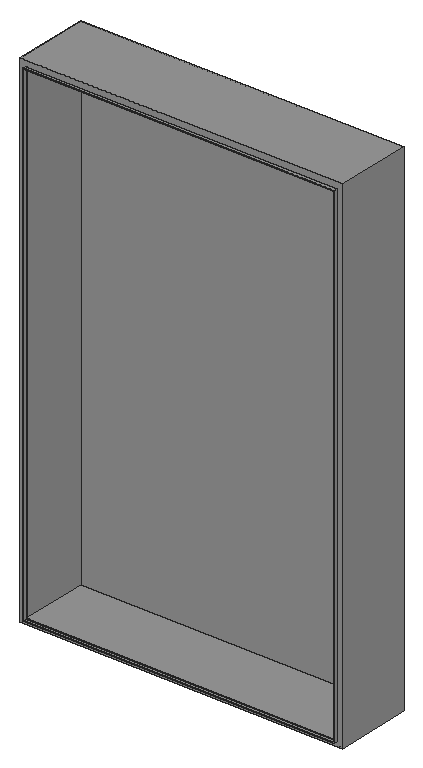
Revit family "Hager-Univers-IP30-D205-H1250-Cl.II-Encl-NoHosted-CH-en", category Equipement électrique, Revit 2020
Family settings
  Configuration du panneau = Deux colonnes, circuits au sein
  Cote de connecteur circulaire = Utiliser le diamètre
  Type d'élément = Tableau de raccordement
  Basée sur le plan de construction = Oui
  Toujours verticalement = Oui
  Couper avec des vides une fois chargée = Non
  Partagée = Non
  Point de calcul de pièce = Non
Parameters (values of type "Surface mounted (plaster) IP30 W800 H1250 D205  - FP83Q1S")
  Width Control [instance] = if([EF000008 - Width] > Min Width, [EF000008 - Width], Min Width)  # 800 mm
  Commentaires du type = [HG000003 - Range]  # "Univers"
  Thickness Door [instance] = if([EF009171 - Material plate thickness door/cover] > 3 mm, 3 mm, [EF009171 - Material plate thickness door/cover])  # 1 mm
  Seal Frame Offset [instance] = 17 mm  # constant formula
  Plinth Visibility [instance] = [HG000027 - Plinth height] > 0 mm  # no
  Min Width [instance] = 100 mm  # constant formula
  Min Depth [instance] = (2 * [EF009170 - Material plate thickness cabinet]) + 1 mm  # 3 mm
  Min Height [instance] = 100 mm  # constant formula
  Internal Frame Depth [instance] = (Door System Depth * 0.5)  # 9 mm
  Panel Name [instance] = ""  # (empty or 0)
  Model = ""
  HG000027 - Plinth height = 0 mm
  HG000026 - Floor standing = no
  HG000024 - Bottom section height = 600 mm
  HG000023 - Double section enclosure = no
  HG000016 - Door 3d visibility [instance] = yes
  HG000015 - Clearance visibility [instance] = no
  HG000014 - Door on the right [instance] = yes
  HG000013 - Door on the left [instance] = not([HG000014 - Door on the right])  # no
  HG000012 - Door swing angle [instance] = 30.00°
  HG000010 - Asymmetric doors = no
  HG000009 - Double swing door = no
  HG000006 - Flush mounted = no
  HG000004 - Manufacturer reference = "FP83Q1S"
  HG000003 - Range = "Univers"
  HG000002 - With door or cover = no
  Frame Offset Bottom [instance] = 10 mm  # constant formula
  Frame Offset [instance] = 15 mm  # constant formula
  EF015940 - Cover with overpressure release = no
  EF011959 - Degree of protection (NEMA) = ""
  EF009554 - Number of openings for flange plates = 6
  EF009212 - Cover model = "EV009916 - With notch"
  EF009171 - Material plate thickness door/cover = 1 mm
  EF009170 - Material plate thickness cabinet = 1 mm
  EF008873 - Nominal current (In) = 250 A
  EF007800 - Suitable for lightning protection = no
  EF006306 - With lock = no
  EF006244 - Transparent cover/door = no
  EF005474 - Degree of protection (IP) = "EV006410 - IP30"
  EF004464 - Type of door = "EV000494 - None"
  EF004427 - Number of modules = 288
  EF004293 - Impact strength = "EV006813 - IK07"
  EF003532 - Suitable for outdoor use = no
  EF002950 - Width in number of modular spacings = 36
  EF001613 - Circuit integrity = "EV000494 - None"
  EF001596 - Material housing = "EV000179 - Steel"
  EF001131 - Internal depth = 130 mm
  EF001088 - Extension possible = yes
  EF000437 - Number of conduit inlets = 6
  EF000339 - Type of cover = "EV000494 - None"
  EF000266 - Number of rows = 8
  EF000218 - Built-in depth = 0 mm
  EF000118 - With mounting plate = no
  EF000116 - RAL-number = "9010"
  EF000049 - Depth = 205 mm
  EF000040 - Height = 1250 mm
  EF000008 - Width = 800 mm
  EF000007 - Colour = "EV000202 - White"
  EF000003 - Mounting method = "EV000384 - Surface mounted (plaster)"
  Door System Leaf Tolerance [instance] = 1.5 mm  # constant formula
  Door System Depth [instance] = 18 mm  # constant formula
  Door Height [instance] = Height Control - [HG000027 - Plinth height]  # 1250 mm
  Description = ""
  Default Elevation = 1219.2 mm
  Connector Offset [instance] = Height Control / 2  # 625 mm
  Fabricant = "Hager"  # constant formula
  Height Control [instance] = if([EF000040 - Height] > Min Height, [EF000040 - Height], Min Height)  # 1250 mm
  Depth Control [instance] = if([EF000049 - Depth] > Min Depth, [EF000049 - Depth], Min Depth)  # 205 mm
  Bottom Top Plate Trim [instance] = 1.5 mm  # constant formula
  Plinth height Ctrl [instance] = if([HG000027 - Plinth height] > 0 mm, [HG000027 - Plinth height], 12 mm)  # 12 mm
Types (5, lengths in mm): name | Width Control | HG000004 - Manufacturer reference | EF009554 - Number of openings for flange plates | EF004427 - Number of modules | EF002950 - Width in number of modular spacings | EF000437 - Number of conduit inlets | EF000008 - Width
  Surface mounted (plaster) IP30 W1050 H1250 D205  - FP84Q1S | 1050 | "FP84Q1S" | 8 | 384 | 48 | 8 | 1050
  Surface mounted (plaster) IP30 W1300 H1250 D205  - FP85Q1S | 1300 | "FP85Q1S" | 10 | 480 | 60 | 10 | 1300
  Surface mounted (plaster) IP30 W300 H1250 D205  - FP81Q1S | 300 | "FP81Q1S" | 2 | 96 | 12 | 2 | 300
  Surface mounted (plaster) IP30 W550 H1250 D205  - FP82Q1S | 550 | "FP82Q1S" | 4 | 192 | 24 | 4 | 550
  Surface mounted (plaster) IP30 W800 H1250 D205  - FP83Q1S | 800 | "FP83Q1S" | 6 | 288 | 36 | 6 | 800
Reference planes
  plane 1 "Center (Front/Back)": y = 0
  plane 2: z = 0
  plane 3 "Center (Left/Right)": x = 0
  plane 4: y = 0
  plane 5: y = 0
  plane 6: z = 0
  plane 7: x = -400
  plane 8: x = 400
  plane 9: x = 399
  plane 10: x = -399
  plane 11: z = 0
  plane 12: z = 1
  plane 13: y = -205
  plane 14: y = -1
  plane 15: x = 0
  plane 16: y = -187
  plane 17: y = -204
  plane 18: y = -186
  plane 19: x = -384
  plane 20: x = 384
  plane 21: z = 11
  plane 22: x = -383
  plane 23: x = 383
  plane 24: z = 0
  plane 25: z = 1250
  plane 26: z = 1250
  plane 27: z = 1234
  plane 28: z = 1249
Forms (mm)
  Extrusion 1, solid, material "Hager_Steel_RAL7035_Light_Grey", detail levels medium+fine
    sketch origin (-208.679, -4572, 0) x (-1, 0, 0) y (0, -1, 0)
      loop
        line (191.321, -4385) -> (-608.679, -4385) -> (-608.679, -4572) -> (191.321, -4572) -> (191.321, -4385)
    from 0 to 1250
  Extrusion 2, void
    sketch origin (-350.771, -205, 1219.2) x (1, 0, 0) y (0, 0, 1)
      loop
        line (-48.229, 29.8) -> (-48.229, -1218.2) -> (749.771, -1218.2) -> (749.771, 29.8) -> (-48.229, 29.8)
    from -19 to -204
  Extrusion 3, void
    sketch origin (-290.084, -187, 1219.2) x (1, 0, 0) y (0, 0, 1)
      loop
        line (-93.916, -1208.2) -> (674.084, -1208.2) -> (674.084, 14.8) -> (-93.916, 14.8) -> (-93.916, -1208.2)
    from 0 to -1
  Extrusion 4, solid, material "Hager_Steel_RAL7035_Light_Grey", visible <- "Plinth Visibility", detail levels medium+fine
    sketch origin (0, 0, 0) x (1, 0, 0) y (0, 1, 0)
      loop
        line (-400, 0) -> (-400, -187) -> (400, -187) -> (400, 0) -> (-400, 0)
    from 0 to 12 <- "Plinth height Ctrl"
  Extrusion 5, solid, material "Hager_Steel_RAL7035_Light_Grey", detail levels coarse
    sketch origin (0, 0, 0) x (1, 0, 0) y (0, 1, 0)
      loop
        line (-400, 0) -> (-400, -205) -> (400, -205) -> (400, 0) -> (-400, 0)
    from 0 to 1250 <- "Height Control"
  Sweep 6, void
    path in 3D
      loop
        line (-400, -187, 12) -> (400, -187, 12) -> (400, 0, 12) -> (-400, 0, 12) -> (-400, -187, 12)
    profile origin (-400, -93.5, 12) x (1, 0, 0) y (0, 0, 1)
      loop
        line (0, 0) -> (0, -1.5) -> (1.5, -1.5)
        arc (1.5, -1.5) -> (1.061, -0.439) -> (0, 0) r 1.5
  Extrusion 7, solid, material "Hager_Steel_RAL7035_Light_Grey", detail levels fine
    sketch origin (-400, -187, 0) x (1, 0, 0) y (0, 0, 1)
      loop
        line (16, 11) -> (784, 11) -> (784, 1234) -> (16, 1234) -> (16, 11)
      loop
        line (15, 10) -> (785, 10) -> (785, 1235) -> (15, 1235) -> (15, 10)
    from 0 to 9 <- "Internal Frame Depth"
Cuts and joins
  Extrusion 2, Extrusion 3 cuts Extrusion 1
  Sweep 6 cuts Extrusion 4
Lines and regions (mm)
  Masking region 1
    outline origin (0, 0, 0) x (1, 0, 0) y (0, 1, 0)
      loop
        line (-400, 0) -> (-400, -205) -> (400, -205) -> (400, 0) -> (-400, 0)
  Masking region 2, detail levels coarse
    outline origin (-290.084, -187, 1219.2) x (-1, 0, 0) y (0, 0, 1)
      loop
        line (-690.084, -1219.2) -> (109.916, -1219.2) -> (109.916, 30.8) -> (-690.084, 30.8) -> (-690.084, -1219.2)
  Masking region 3, detail levels coarse
    outline origin (0, 0, 0) x (0, 1, 0) y (0, 0, 1)
      loop
        line (0, 0) -> (0, 1250) -> (-205, 1250) -> (-205, 0) -> (0, 0)
  Masking region 4, visible <- "Plinth Visibility", detail levels medium+fine
    outline origin (0, 0, 0) x (0, 1, 0) y (0, 0, 1)
      loop
        line (-1.5, 12) -> (-185.5, 12)
        arc (-185.5, 12) -> (-185.939, 10.939) -> (-187, 10.5) r 1.5
        line (-187, 10.5) -> (-187, 0) -> (0, 0) -> (0, 10.5)
        arc (0, 10.5) -> (-1.061, 10.939) -> (-1.5, 12) r 1.5
  Masking region 5, detail levels medium+fine
    outline origin (0, 0, 594.038) x (0, 1, 0) y (0, 0, 1)
      loop
        line (0, -594.038) -> (0, 655.962) -> (-187, 655.962) -> (-187, -594.038) -> (0, -594.038)
  Masking region 6, detail levels medium+fine
    outline origin (-359.7, -187, 1211.883) x (-1, 0, 0) y (0, 0, 1)
      loop
        line (-759.7, -1211.883) -> (40.3, -1211.883) -> (40.3, 38.117) -> (-759.7, 38.117) -> (-759.7, -1211.883)
  Masking region 7, visible <- "Plinth Visibility", detail levels medium+fine
    outline origin (-320.334, -187, 1041.368) x (-1, 0, 0) y (0, 0, 1)
      loop
        line (-720.334, -1041.368) -> (79.666, -1041.368) -> (79.666, -1030.868)
        arc (79.666, -1030.868) -> (78.606, -1030.429) -> (78.166, -1029.368) r 1.5
        line (78.166, -1029.368) -> (-718.834, -1029.368)
        arc (-718.834, -1029.368) -> (-719.273, -1030.429) -> (-720.334, -1030.868) r 1.5
        line (-720.334, -1030.868) -> (-720.334, -1041.368)
  sketch lines
    curve 1: line (-400, 0, 12) -> (-400, -187, 12)
    curve 2: line (-400, -187, 12) -> (400, -187, 12)
    curve 3: line (400, 0, 12) -> (-400, 0, 12)
    curve 4: line (400, -187, 12) -> (400, 0, 12)
Dimensions and locks
  locked: plane 1 "Center (Front/Back)" to plane 5
  "EF009170 - Material plate thickness cabinet": plane 7 to plane 10
  "EF009170 - Material plate thickness cabinet": plane 8 to plane 9
  equal spacing: plane 7, plane 3 "Center (Left/Right)", plane 8
  "Width Control": plane 7 to plane 8
  "Depth Control": plane 4 to plane 13
  "EF009170 - Material plate thickness cabinet": plane 4 to plane 14
  "Height Control": plane 25 to level
  "HG000027 - Plinth height": plane 11 to level
  "EF009170 - Material plate thickness cabinet": plane 12 to plane 11
  "EF009170 - Material plate thickness cabinet": plane 17 to plane 13
  "EF009170 - Material plate thickness cabinet": plane 18 to plane 16
  "Frame Offset Bottom": plane 21 to plane 12
  "Frame Offset": plane 10 to plane 19
  "Frame Offset": plane 9 to plane 20
  "Door System Depth": plane 16 to plane 13
  "Seal Frame Offset": plane 7 to plane 22
  "Seal Frame Offset": plane 8 to plane 23
  "EF009170 - Material plate thickness cabinet": plane 26 to plane 28
  "Frame Offset": plane 28 to plane 27
  "Connector Offset": plane 2 to connector elem
  "Bottom Top Plate Trim": profile plane to Sweep 6 sketch curve
  "Bottom Top Plate Trim": Sweep 6 sketch curve to Sweep 6 sketch curve
  "Plinth height Ctrl": Masking region 4 sketch curve to level
  "Plinth height Ctrl": Masking region 7 sketch curve to level
  "Thickness Door": Extrusion 7 sketch curve to Extrusion 7 sketch curve  (x4)
  "Bottom Top Plate Trim": radius of Sweep 6 sketch curve
  "Bottom Top Plate Trim": radius of Masking region 4 sketch curve  (x2)
  "Bottom Top Plate Trim": radius of Masking region 7 sketch curve  (x2)
  aligned and locked: Extrusion 2 sketch curve to plane 12
  aligned and locked: Extrusion 2 sketch curve to plane 9
  aligned and locked: Extrusion 2 sketch curve to plane 10
  aligned and locked: Extrusion 2 to plane 14
  aligned and locked: Extrusion 1 sketch curve to plane 4
  aligned and locked: plane 8 to Extrusion 1 sketch curve
  aligned and locked: plane 7 to Extrusion 1 sketch curve
  aligned and locked: Extrusion 2 to plane 18
  aligned and locked: Extrusion 3 sketch curve to plane 19
  aligned and locked: plane 20 to Extrusion 3 sketch curve
  aligned and locked: Extrusion 3 to Extrusion 2
  aligned and locked: Extrusion 3 sketch curve to plane 21
  aligned and locked: plane 3 "Center (Left/Right)" to nested 1
  aligned and locked: Extrusion 1 sketch curve to plane 16
  aligned and locked: Extrusion 4 sketch curve to cut or joined group of Extrusion 1, Extrusion 2, Extrusion 3
  aligned and locked: Masking region 1 sketch curve to plane 7
  aligned and locked: Masking region 1 sketch curve to plane 5
  aligned and locked: Masking region 1 sketch curve to plane 8
  aligned and locked: Masking region 2 sketch curve to level
  aligned and locked: level to Masking region 3 sketch curve
  aligned and locked: plane 1 "Center (Front/Back)" to Masking region 3 sketch curve
  aligned and locked: plane 13 to Masking region 3 sketch curve
  aligned and locked: plane 5 to Masking region 4 sketch curve
  aligned and locked: Masking region 2 sketch curve to plane 8
  aligned and locked: Masking region 2 sketch curve to plane 7
  aligned and locked: plane 7 to nested 2
  aligned and locked: nested 2 to plane 5
  aligned and locked: plane 5 to Masking region 5 sketch curve
  aligned and locked: plane 26 to Masking region 5 sketch curve
  aligned and locked: Extrusion 5 sketch curve to plane 8
  aligned and locked: Extrusion 5 sketch curve to plane 7
  aligned and locked: Extrusion 5 sketch curve to plane 5
  aligned and locked: Extrusion 3 sketch curve to plane 27
  aligned and locked: Extrusion 2 sketch curve to plane 28
  aligned and locked: Masking region 2 to plane 25
  aligned and locked: Extrusion 4 to plane 16
  aligned and locked: profile plane to Sweep 6 sketch curve
  aligned and locked: Masking region 5 sketch curve to plane 24
  aligned and locked: level to Masking region 4 sketch curve
  aligned and locked: Masking region 1 to plane 13
  aligned and locked: nested 1 to plane 16
  aligned and locked: Masking region 3 to plane 25
  aligned and locked: plane 16 to Masking region 4 sketch curve
  aligned and locked: Masking region 5 sketch curve to plane 16
  aligned and locked: plane 24 to plane 11
  aligned and locked: plane 26 to plane 25
  aligned and locked: plane 26 to cut or joined group of Extrusion 1, Extrusion 2, Extrusion 3
  aligned and locked: nested 1 to plane 24
  aligned and locked: Extrusion 1 to Extrusion 3
  aligned and locked: Masking region 6 sketch curve to plane 8
  aligned and locked: Masking region 6 sketch curve to plane 24
  aligned and locked: Masking region 6 sketch curve to plane 7
  aligned and locked: Masking region 6 sketch curve to plane 26
  aligned and locked: Masking region 7 sketch curve to plane 7
  aligned and locked: level to Masking region 7 sketch curve
  aligned and locked: Masking region 7 sketch curve to plane 8
  aligned and locked: Extrusion 7 sketch curve to cut or joined group of Extrusion 1, Extrusion 2, Extrusion 3  (x4)
Automatic sketch dimensions
  plane 19 to Extrusion 3 sketch curve = 0 mm
  Extrusion 3 sketch curve to plane 20 = 0 mm
  Extrusion 3 sketch curve to plane 21 = 0 mm
  Extrusion 4 sketch curve to plane 7 = 0 mm
  Extrusion 4 sketch curve to plane 8 = 0 mm
  Extrusion 4 sketch curve to plane 16 = 0 mm
  Masking region 1 sketch curve to plane 13 = 0 mm
  Masking region 2 sketch curve to plane 25 = 0 mm
  Masking region 3 sketch curve to plane 25 = 0 mm
  Extrusion 5 sketch curve to plane 13 = 0 mm
  profile plane to Sweep 6 sketch curve = 0 mm
Nested families
  nested 1: "EC000058_Univers_Door" at (0, -187, 0), Double <- "HG000009 - Double swing door", Transparent <- "EF006244 - Transparent cover/door", Angle <- "HG000012 - Door swing angle", Door_Right <- "HG000014 - Door on the right", Assymetrical <- "HG000010 - Asymmetric doors", Door <- "HG000002 - With door or cover", Width_Ctrl <- "Width Control", 3d_Door <- "HG000016 - Door 3d visibility", Clearance <- "HG000015 - Clearance visibility", Door_Left <- "HG000013 - Door on the left", Width <- "Width Control", Door_Depth <- "Door System Depth", Leaf_Tolerance <- "Door System Leaf Tolerance", Height <- "Door Height", Lock_Visibility <- "EF006306 - With lock", Thickness <- "Thickness Door", type "EC000058_Univers_Door", detail levels medium+fine
    with min_wh 3 mm, Width_Ctrl 800 mm, Width 800 mm, Transparent no, Thickness 1 mm, Seal_Material Hager_Rubber, Lock_Visibility no, Lock_Material Hager_Plastic_RAL9005_Jet_Black, Leaf_Width 800 mm, Leaf_Tolerance_External_Sides 0 mm, Leaf_Tolerance 1.5 mm, Leaf_Offset 0 mm, Leaf_Height 1247 mm, Leaf_2_Width 800 mm, Leaf_2_Offset 400 mm, Leaf_1_Width 800 mm, Leaf_1_Offset 400 mm, Height_Ctrl 1250 mm, Height 1250 mm, Glass_Material Hager_Glass, Double_Clearance_Ctrl no, Double no, Door_Right_Ctrl no, Door_Right yes, Door_Material Hager_Steel_RAL7035_Light_Grey, Door_Left_Ctrl no, Door_Left no, Door_Depth 18 mm, Door no, Clearance_Material Hager_Clearance, Clearance_Depth 800 mm, Clearance_Ctrl no, Clearance no, Assymetrical no, Angle 30.00°, 3d_Door yes
  nested 2: "Hager_Enclosure_Symbol" at (-400, 0, 0), Height <- "Depth Control", Width <- "Width Control", type "Hager_Enclosure_Symbol"
    with Width_Ctrl 800 mm, Width 800 mm, Height_Ctrl 205 mm, Height 205 mm, A_Width_Int 13.453 mm, A_Width 161.438 mm, A_Height_Ctrl 179.375 mm, A_Height 179.375 mm
Connectors
  electrical at (0, 0, 625)
    settings: on plane 1 "Center (Front/Back)", index 1, voltage 0 V, apparent load 0 VA, apparent load phase1 0 VA, apparent load phase2 0 VA, apparent load phase3 0 VA, power factor 1, load classification "Other", number of poles 1, system type 30, power factor state 1, is connector primary yes, connector utility no, sub classification motor no, connector description ""
Definition of nested family "EC000058_Univers_Door"
  Parameters (values of type "EC000058_Univers_Door")
    min_wh [instance] = (2 * Thickness) + 1 mm  # 11 mm
    Width_Ctrl [instance] = 400 mm
    Width [instance] = 500 mm
    Transparent [instance] = yes
    Thickness [instance] = 5 mm
    Seal_Material [instance] = none
    Lock_Visibility [instance] = yes
    Lock_Material [instance] = none
    Leaf_Width [instance] = if((Width_Ctrl - 2 * Leaf_Tolerance_External_Sides) > 0 mm, (Width_Ctrl - 2 * Leaf_Tolerance_External_Sides), min_wh)  # 400 mm
    Leaf_Tolerance_External_Sides [instance] = 0 mm  # constant formula
    Leaf_Tolerance [instance] = 1.5 mm
    Leaf_Offset [instance] = 0 mm  # constant formula
    Leaf_Height [instance] = if((Height_Ctrl - 2 * Leaf_Tolerance) > 0 mm, (Height_Ctrl - 2 * Leaf_Tolerance), min_wh)  # 497 mm
    Leaf_2_Width [instance] = if(and(and(Double, Assymetrical), Door_Left), (Leaf_Width / 3) - (Leaf_Tolerance / 2), if(and(and(Double, Assymetrical), Door_Right), (Leaf_Width / 3) * 2 - (Leaf_Tolerance / 2), if(and(Double, not(Assymetrical)), (Leaf_Width / 2) - Leaf_Tolerance, Leaf_Width)))  # 400 mm
    Leaf_2_Offset [instance] = if(and(Double, Assymetrical), Leaf_2_Width / 2, if(and(Double, not(Assymetrical)), Leaf_Width / 4, Leaf_Width / 2))  # 200 mm
    Leaf_1_Width [instance] = if(and(and(Double, Assymetrical), Door_Right), (Leaf_Width / 3) - (Leaf_Tolerance / 2), if(and(and(Double, Assymetrical), Door_Left), (Width / 3) * 2 - (Leaf_Tolerance / 2), if(and(Double, not(Assymetrical)), (Leaf_Width / 2) - Leaf_Tolerance, Leaf_Width)))  # 400 mm
    Leaf_1_Offset [instance] = if(and(Double, Assymetrical), Leaf_1_Width / 2, if(and(Double, not(Assymetrical)), Leaf_Width / 4, Leaf_Width / 2))  # 200 mm
    Height_Ctrl [instance] = if(Height > min_wh, Height, min_wh)  # 500 mm
    Height [instance] = 500 mm
    Glass_Material [instance] = none
    Double_Clearance_Ctrl [instance] = and(Double, Clearance)  # no
    Double [instance] = no
    Door_Right_Ctrl [instance] = and(or(Door_Right, Double), Door)  # yes
    Door_Right [instance] = yes
    Door_Material [instance] = none
    Door_Left_Ctrl [instance] = and(or(Door_Left, Double), Door)  # no
    Door_Left [instance] = no
    Door_Depth [instance] = 30 mm
    Door [instance] = yes
    Default Elevation = 1219.2 mm
    Clearance_Material [instance] = none
    Clearance_Depth [instance] = if(Leaf_1_Width > Leaf_2_Width, Leaf_1_Width, Leaf_2_Width)  # 400 mm
    Clearance_Ctrl [instance] = and(not(Double), Clearance)  # yes
    Clearance [instance] = yes
    Assymetrical [instance] = yes
    Angle [instance] = 30.00°
    3d_Door [instance] = yes
  Reference planes
    plane 1 "Center (Front/Back)": y = 0
    plane 2 "Bottom": z = 0
    plane 3 "Center (Left/Right)": x = 0
    plane 4: z = 500
    plane 5: x = -200
    plane 6: x = 200
    plane 7: z = 500
    plane 8: x = -200
    plane 9: z = 0
    plane 10: x = 200
    plane 11: y = 0
    plane 12: z = 1.5
    plane 13: x = -600
    plane 14: y = -400
    plane 15: x = 600
    plane 16: x = 0
    plane 17: x = 0
    plane 18: x = -200
    plane 19: x = 200
    plane 20: z = 498.5
  Forms (mm)
    Extrusion 1, solid, material <- "Clearance_Material", visible <- "Double_Clearance_Ctrl"
      sketch origin (1200, 0, 0) x (1, 0, 0) y (0, 0, -1)
        loop
          line (-1800, -498.5) -> (-600, -498.5) -> (-600, 0) -> (-1800, 0) -> (-1800, -498.5)
      from 0 to -400
  Dimensions and locks
    equal spacing: plane 5, plane 3 "Center (Left/Right)", plane 6
    "Width_Ctrl": plane 5 to plane 6
    "Leaf_Offset": plane 5 to plane 8
    "Leaf_Offset": plane 6 to plane 10
    "Leaf_Offset": plane 9 to level
    "Leaf_Offset": plane 4 to plane 7
    "Height_Ctrl": plane 4 to level
    "Leaf_Tolerance": plane 12 to plane 9
    locked: plane 11 to plane 1 "Center (Front/Back)"
    "Leaf_1_Offset": plane 18 to plane 16
    "Leaf_2_Offset": plane 17 to plane 19
    "Leaf_1_Width": plane 13 to plane 8
    "Leaf_2_Width": plane 10 to plane 15
    "Clearance_Depth": plane 14 to plane 1 "Center (Front/Back)"
    "Leaf_Tolerance_External_Sides": plane 8 to plane 18
    "Leaf_Tolerance_External_Sides": plane 19 to plane 10
    "Leaf_Tolerance": plane 7 to plane 20
    aligned and locked: level to plane 2 "Bottom"
    aligned and locked: nested 1 to plane 16
    aligned and locked: nested 2 to plane 17
    aligned and locked: Extrusion 1 to plane 13
    aligned and locked: plane 15 to Extrusion 1
    aligned and locked: Extrusion 1 to plane 14
    aligned and locked: plane 12 to nested 1
    aligned and locked: nested 2 to plane 12
    aligned and locked: Extrusion 1 to plane 11
    aligned and locked: plane 20 to Extrusion 1
    aligned and locked: nested 2 to plane 11
    aligned and locked: nested 1 to plane 11
  Automatic sketch dimensions
    Extrusion 1 sketch curve to level = 0 mm
    plane 5 to Extrusion 1 sketch curve = 400 mm
    plane 6 to Extrusion 1 sketch curve = 400 mm
    Extrusion 1 sketch curve to plane 4 = 1.5 mm
  Nested families
    nested 1: "EC000058_Univers_Door_Leaf" at (0, 0, 1.5), Width <- "Leaf_1_Width", visible <- "Door_Left_Ctrl", Leaf_Height <- "Leaf_Height", Angle <- "Angle", 3d_Door <- "3d_Door", Transparent <- "Transparent", Clearance Material <- "Clearance_Material", Clearance <- "Clearance_Ctrl", Door_Material <- "Door_Material", Glass_Material <- "Glass_Material", Door_Depth <- "Door_Depth", Lock_Material <- "Lock_Material", Seal_Material <- "Seal_Material", Lock_Visibility <- "Lock_Visibility", Thickness <- "Thickness", type "EC000058_Univers_Door_Leaf"
      with Width 400 mm, Transparent_Glass_Offset 30 mm, Transparent_Ctrl yes, Transparent yes, Thickness 5 mm, Standard no, Seal_Material none, Seal_D2 8 mm, Seal_D1 1 mm, Offset_Internal_Frame 10 mm, Lock_Width 20 mm, Lock_Visibility_3d yes, Lock_Visibility yes, Lock_Thickness_3 3 mm, Lock_Thickness_2 1 mm, Lock_Thickness_1 3 mm, Lock_Radius_Offset_2 16 mm, Lock_Radius_Offset_1 15 mm, Lock_Radius_2 5 mm, Lock_Radius 6 mm, Lock_Offset 5 mm, Lock_Material none, Lock_Height 80 mm, Lock_Cover_Top_Offset_2d 17 mm, Lock_Cover_Height -65 mm, Leaf_Height 497 mm, Internal_Seal_Thickness 8 mm, Internal_Seal_Depth_2 4.5 mm, Internal_Frame_Depth 25 mm, Glass_Thickness -1 mm, Glass_Offset -2 mm, Glass_Material none, Door_Material none, Door_Depth 30 mm, Clearance Material none, Clearance yes, Angle_Ctrl 30.00°, Angle 30.00°, 3d_Door yes
    nested 2: "EC000058_Univers_Door_Leaf" at (0, 0, 1.5) x (-1, 0, 0) z (0, 0, 1), Width <- "Leaf_2_Width", visible <- "Door_Right_Ctrl", Leaf_Height <- "Leaf_Height", Angle <- "Angle", 3d_Door <- "3d_Door", Transparent <- "Transparent", Clearance Material <- "Clearance_Material", Clearance <- "Clearance_Ctrl", Door_Material <- "Door_Material", Glass_Material <- "Glass_Material", Door_Depth <- "Door_Depth", Lock_Material <- "Lock_Material", Seal_Material <- "Seal_Material", Lock_Visibility <- "Lock_Visibility", Thickness <- "Thickness", type "EC000058_Univers_Door_Leaf"
      with Width 400 mm, Transparent_Glass_Offset 30 mm, Transparent_Ctrl yes, Transparent yes, Thickness 5 mm, Standard no, Seal_Material none, Seal_D2 8 mm, Seal_D1 1 mm, Offset_Internal_Frame 10 mm, Lock_Width 20 mm, Lock_Visibility_3d yes, Lock_Visibility yes, Lock_Thickness_3 3 mm, Lock_Thickness_2 1 mm, Lock_Thickness_1 3 mm, Lock_Radius_Offset_2 16 mm, Lock_Radius_Offset_1 15 mm, Lock_Radius_2 5 mm, Lock_Radius 6 mm, Lock_Offset 5 mm, Lock_Material none, Lock_Height 80 mm, Lock_Cover_Top_Offset_2d 17 mm, Lock_Cover_Height -65 mm, Leaf_Height 497 mm, Internal_Seal_Thickness 8 mm, Internal_Seal_Depth_2 4.5 mm, Internal_Frame_Depth 25 mm, Glass_Thickness -1 mm, Glass_Offset -2 mm, Glass_Material none, Door_Material none, Door_Depth 30 mm, Clearance Material none, Clearance yes, Angle_Ctrl 30.00°, Angle 30.00°, 3d_Door yes
  Definition of nested family "EC000058_Univers_Door_Leaf"
    Parameters (values of type "EC000058_Univers_Door_Leaf")
      Width [instance] = 2000 mm
      Transparent_Glass_Offset [instance] = 30 mm
      Transparent_Ctrl [instance] = and(Transparent, [3d_Door])  # yes
      Transparent [instance] = yes
      Thickness [instance] = 5 mm
      Standard [instance] = and(not(Transparent), [3d_Door])  # no
      Seal_Material [instance] = none
      Seal_D2 [instance] = 8 mm  # constant formula
      Seal_D1 [instance] = 1 mm  # constant formula
      Offset_Internal_Frame [instance] = 10 mm  # constant formula
      Lock_Width [instance] = 20 mm  # constant formula
      Lock_Visibility_3d [instance] = and(Lock_Visibility, [3d_Door])  # yes
      Lock_Visibility [instance] = yes
      Lock_Thickness_3 [instance] = 3 mm  # constant formula
      Lock_Thickness_2 [instance] = 1 mm  # constant formula
      Lock_Thickness_1 [instance] = 3 mm  # constant formula
      Lock_Radius_Offset_2 [instance] = Lock_Radius_Offset_1 + 1 mm  # 16 mm
      Lock_Radius_Offset_1 [instance] = 15 mm  # constant formula
      Lock_Radius_2 [instance] = Lock_Radius - 1 mm  # 5 mm
      Lock_Radius [instance] = 6 mm  # constant formula
      Lock_Offset [instance] = 5 mm  # constant formula
      Lock_Material [instance] = none
      Lock_Height [instance] = 80 mm  # constant formula
      Lock_Cover_Top_Offset_2d [instance] = Lock_Radius_Offset_2 + 1 mm  # 17 mm
      Lock_Cover_Height [instance] = -(Lock_Height - Lock_Radius_Offset_1)  # -65 mm
      Leaf_Height [instance] = 2720.336 mm
      Internal_Seal_Thickness [instance] = 8 mm  # constant formula
      Internal_Seal_Depth_2 [instance] = 4.5 mm  # constant formula
      Internal_Frame_Depth [instance] = if(Door_Depth - Thickness > 5 mm, Door_Depth - Thickness, 5 mm)  # 25 mm
      Glass_Thickness [instance] = if(Thickness > 15 mm, Glass_Offset + 10 mm, -1 mm)  # -1 mm
      Glass_Offset [instance] = if(Thickness > 15 mm, -(Thickness + 10 mm) / 2, -2 mm)  # -2 mm
      Glass_Material [instance] = none
      Door_Material [instance] = none
      Door_Depth [instance] = 30 mm
      Default Elevation = 0 mm
      Clearance Material [instance] = none
      Clearance [instance] = yes
      Angle_Ctrl [instance] = if(Angle > 180.00°, 180.00°, Angle)  # 90.00°
      Angle [instance] = 90.00°
      3d_Door [instance] = yes
    Reference planes
      plane 1 "Center (Front/Back)": y = 0
      plane 2: z = 0
      plane 3 "Center (Left/Right)": x = 0
      plane 4: y = 2000
      plane 5: x = -1000
      plane 6: x = 1000
      plane 7: x = -3000
      plane 8: z = 2720.336
      plane 9: z = 30
      plane 10: z = 2690.336
      plane 11: x = 970
      plane 12: x = -970
      plane 13: y = -3
      plane 14: z = 107.833
      plane 15: y = -5
      plane 16: y = -223.314
      plane 17: x = -1000
      plane 18: z = 1360.168
      plane 19: y = 30
    Forms (mm)
      Extrusion 1, solid, material <- "Clearance Material", visible <- "Clearance"
        sketch origin (0, 0, 0) x (1, 0, 0) y (0, 0, 1)
          loop
            line (-3000, 2720.336) -> (-3000, 0) -> (1000, 0) -> (1000, 2720.336) -> (-3000, 2720.336)
        from 0 to -2000
      Extrusion 2, solid, material <- "Door_Material", visible <- "Standard", detail levels medium+fine
        sketch origin (-1000, 0, 0) x (0, 1, 0) y (-1, 0, 0)
          loop
            line (0, 30) -> (0, 25) -> (2000, 25) -> (2000, 30) -> (0, 30)
        from 0 to 2720.336 <- "Leaf_Height"
      Extrusion 3, solid, material <- "Door_Material", visible <- "Transparent_Ctrl", detail levels medium+fine
        sketch origin (-1000, 0, 0) x (0, 1, 0) y (-1, 0, 0)
          loop
            line (0, 25) -> (2000, 25) -> (2000, 30) -> (0, 30) -> (0, 25)
        from 0 to 2720.336 <- "Leaf_Height"
      Extrusion 4, void
        sketch origin (-1025, 2000, 0) x (0, 1, 0) y (0, 0, -1)
          loop
            line (-30, -2690.336) -> (-30, -30) -> (-1970, -30) -> (-1970, -2690.336) -> (-30, -2690.336)
        from 0 to 5 <- "Thickness"
      Sweep 5, solid, material <- "Seal_Material", visible <- "Transparent_Ctrl", detail levels fine
        path in 3D
          loop
            line (-1025, 30, 30) -> (-1025, 30, 2690.336) -> (-1025, 1970, 2690.336) -> (-1025, 1970, 30) -> (-1025, 30, 30)
        profile origin (-1025, 1000, 30) x (1, 0, 0) y (0, 0, 1)
          loop
            line (0, 0) -> (0, -8) -> (1, -8) -> (1, 0) -> (0, 0)
      Extrusion 6, solid, material <- "Glass_Material", visible <- "Transparent_Ctrl", detail levels medium+fine
        sketch origin (-1030, 0, 0) x (0, 1, 0) y (0, 0, -1)
          loop
            line (1970, -2690.336) -> (1970, -30) -> (30, -30) -> (30, -2690.336) -> (1970, -2690.336)
        from -2 <- "Glass_Offset" to -1 <- "Glass_Thickness"
      Extrusion 7, solid, material <- "Door_Material", visible <- "3d_Door", detail levels medium+fine
        sketch origin (-1025, 2000, 0) x (0, -1, 0) y (0, 0, -1)
          loop
            line (0, -2720.336) -> (2000, -2720.336) -> (2000, 0) -> (0, 0) -> (0, -2720.336)
          loop
            line (1995, -5) -> (5, -5) -> (5, -2715.336) -> (1995, -2715.336) -> (1995, -5)
        from 0 to 25 <- "Internal_Frame_Depth"
      Sweep 8, solid, material <- "Seal_Material", visible <- "Transparent_Ctrl", detail levels fine
        path in 3D
          loop
            line (-1025, 0, 0) -> (-1025, 2000, 0) -> (-1025, 2000, 2720.336) -> (-1025, 0, 2720.336) -> (-1025, 0, 0)
        profile origin (-1025, 0, 1360.168) x (1, 0, 0) y (0, 1, 0)
          loop
            line (0, 10) -> (2.975, 10)
            arc (2.975, 10) -> (4.053, 10.447) -> (4.5, 11.525) r 1.525
            line (4.5, 11.525) -> (4.5, 16.527)
            arc (4.5, 16.527) -> (4.069, 17.569) -> (3.027, 18) r 1.473
            line (3.027, 18) -> (0, 18) -> (0, 10)
      Extrusion 9, solid, material <- "Lock_Material", visible <- "Lock_Visibility_3d", detail levels fine
        sketch origin (-1030, 0, 0) x (0, 1, 0) y (0, 0, -1)
          loop
            arc (1993.5, -1400.168) -> (1994.561, -1399.729) -> (1995, -1398.668) r 1.5
            line (1995, -1398.668) -> (1995, -1320.168) -> (1975, -1320.168) -> (1975, -1398.668)
            arc (1975, -1398.668) -> (1975.439, -1399.729) -> (1976.5, -1400.168) r 1.5
            line (1976.5, -1400.168) -> (1993.5, -1400.168)
        from 3 <- "Lock_Thickness_1" to 0
      Blend 10, solid, material <- "Lock_Material", visible <- "Lock_Visibility_3d", detail levels fine
        base sketch origin (-1033, 0, 0) x (0, 1, 0) y (0, 0, -1)
          loop
            line (1975, -1320.168) -> (1975, -1398.668)
            arc (1975, -1398.668) -> (1975.439, -1399.729) -> (1976.5, -1400.168) r 1.5
            line (1976.5, -1400.168) -> (1993.5, -1400.168)
            arc (1993.5, -1400.168) -> (1994.561, -1399.729) -> (1995, -1398.668) r 1.5
            line (1995, -1398.668) -> (1995, -1320.168) -> (1975, -1320.168)
        top sketch origin (-1033, 0, 0) x (0, 1, 0) y (0, 0, -1)
          loop
            line (1976, -1320.168) -> (1976, -1398.668)
            arc (1976, -1398.668) -> (1976.146, -1399.022) -> (1976.5, -1399.168) r 0.5
            line (1976.5, -1399.168) -> (1993.5, -1399.168)
            arc (1993.5, -1399.168) -> (1993.854, -1399.022) -> (1994, -1398.668) r 0.5
            line (1994, -1398.668) -> (1994, -1320.168) -> (1976, -1320.168)
        from 0 to 1 <- "Lock_Thickness_2"
      Blend 11, solid, material <- "Lock_Material", visible <- "Lock_Visibility_3d", detail levels fine
        base sketch origin (-1034, 0, 0) x (0, 1, 0) y (0, 0, -1)
          loop
            line (1978, -1320.168) -> (1978, -1384.168)
            arc (1978, -1384.168) -> (1985, -1391.168) -> (1992, -1384.168) r 7
            line (1992, -1384.168) -> (1992, -1320.168) -> (1978, -1320.168)
        top sketch origin (-1034, 0, 0) x (0, 1, 0) y (0, 0, -1)
          loop
            line (1991, -1320.168) -> (1979, -1320.168) -> (1979, -1383.168)
            arc (1979, -1383.168) -> (1985, -1389.168) -> (1991, -1383.168) r 6
            line (1991, -1383.168) -> (1991, -1320.168)
        from 0 to 3 <- "Lock_Thickness_3"
      Extrusion 12, solid, material <- "Lock_Material", visible <- "Lock_Visibility_3d", detail levels fine
        sketch origin (-1030, 1975, 1320.168) x (1, 0, 0) y (0, -1, 0)
          loop
            line (-7, -19) -> (-7, -1) -> (0, -1) -> (0, 0) -> (-8, 0) -> (-8, -20) -> (0, -20) -> (0, -19) -> (-7, -19)
        from 0 to -65 <- "Lock_Cover_Height"
      Extrusion 13, void
        sketch origin (-1038, 1995, 1320.168) x (-1, 0, 0) y (0, 0, -1)
          loop
            line (-5, -65) -> (0, -65) -> (-5, -60) -> (-5, -65)
        from 0 to 20 <- "Lock_Width"
      Extrusion 14, void
        sketch origin (-1038, 1975, 1320.168) x (0, -1, 0) y (0, 0, -1)
          loop
            circle (-10, -15.995) r 6
          loop
            circle (-10, -15.995) r 5
        from 0 to 2
      Extrusion 15, solid, material <- "Lock_Material", visible <- "Lock_Visibility_3d", detail levels medium
        sketch origin (-1030, 0, 0) x (0, 1, 0) y (0, 0, -1)
          loop
            arc (1993.5, -1400.168) -> (1994.561, -1399.729) -> (1995, -1398.668) r 1.5
            line (1995, -1398.668) -> (1995, -1320.168) -> (1975, -1320.168) -> (1975, -1398.668)
            arc (1975, -1398.668) -> (1975.439, -1399.729) -> (1976.5, -1400.168) r 1.5
            line (1976.5, -1400.168) -> (1993.5, -1400.168)
        from 8 to 0
    Cuts and joins
      Extrusion 4 cuts Extrusion 3
      Extrusion 13, Extrusion 14 cuts Extrusion 9
      Extrusion 14 cuts Blend 11
      Extrusion 13, Extrusion 14 cuts Extrusion 12
      joined: Extrusion 9, Blend 10, Blend 11, Extrusion 12
      Extrusion 14 cuts Extrusion 15
    Lines and regions (mm)
      Masking region 1, visible <- "Lock_Visibility", detail levels fine
        outline origin (0, 0, 0) x (0, 1, 0) y (0, 0, 1)
          loop
            line (30, 1320.168) -> (33, 1320.168) -> (33, 1400.168) -> (30, 1400.168) -> (30, 1320.168)
      Masking region 2, visible <- "Lock_Visibility", detail levels fine
        outline origin (0, 3.143, 0) x (0, 1, 0) y (0, 0, 1)
          loop
            line (29.857, 1354.168) -> (30.857, 1354.168) -> (30.857, 1366.168) -> (29.857, 1366.168) -> (29.857, 1354.168)
      Masking region 3, detail levels medium+fine
        outline origin (0, 0, 0) x (0, 1, 0) y (0, 0, 1)
          loop
            line (0, 0) -> (30, 0) -> (30, 2720.336) -> (0, 2720.336) -> (0, 0)
      Masking region 4, detail levels medium+fine
        outline origin (0, 0, 0) x (1, 0, 0) y (0, 0, 1)
          loop
            line (-1000, 2720.336) -> (-1000, 0) -> (1000, 0) -> (1000, 2720.336) -> (-1000, 2720.336)
      Masking region 5, visible <- "Lock_Visibility", detail levels fine
        outline origin (-47.116, 0, 0) x (1, 0, 0) y (0, 0, 1)
          loop
            arc (1024.616, 1399.168) -> (1023.556, 1398.729) -> (1023.116, 1397.668) r 1.5
            line (1023.116, 1397.668) -> (1023.116, 1320.168) -> (1041.116, 1320.168) -> (1041.116, 1397.668)
            arc (1041.116, 1397.668) -> (1040.677, 1398.729) -> (1039.616, 1399.168) r 1.5
            line (1039.616, 1399.168) -> (1024.616, 1399.168)
      Masking region 6, visible <- "Lock_Visibility", detail levels medium+fine
        outline origin (-25, 0, 0) x (1, 0, 0) y (0, 0, 1)
          loop
            arc (1001.5, 1400.168) -> (1000.439, 1399.729) -> (1000, 1398.668) r 1.5
            line (1000, 1398.668) -> (1000, 1320.168) -> (1020, 1320.168) -> (1020, 1398.668)
            arc (1020, 1398.668) -> (1019.561, 1399.729) -> (1018.5, 1400.168) r 1.5
            line (1018.5, 1400.168) -> (1001.5, 1400.168)
      Masking region 7, visible <- "Lock_Visibility", detail levels fine
        outline origin (-73.735, 0, 0) x (1, 0, 0) y (0, 0, 1)
          loop
            line (1051.735, 1382.168) -> (1065.735, 1382.168) -> (1065.735, 1384.168)
            arc (1065.735, 1384.168) -> (1058.735, 1391.168) -> (1051.735, 1384.168) r 7
            line (1051.735, 1384.168) -> (1051.735, 1382.168)
      Masking region 8, visible <- "Lock_Visibility", detail levels fine
        outline origin (-73.735, 0, 0) x (1, 0, 0) y (0, 0, 1)
          loop
            line (1052.735, 1382.168) -> (1064.735, 1382.168) -> (1064.735, 1383.168)
            arc (1064.735, 1383.168) -> (1058.735, 1389.168) -> (1052.735, 1383.168) r 6
            line (1052.735, 1383.168) -> (1052.735, 1382.168)
      Masking region 9, visible <- "Lock_Visibility", detail levels fine
        outline origin (-25, 0, 0) x (1, 0, 0) y (0, 0, 1)
          loop
            line (1020, 1320.168) -> (1020, 1382.168) -> (1000, 1382.168) -> (1000, 1320.168) -> (1020, 1320.168)
      Masking region 10, detail levels medium+fine
        outline origin (0, 0, 0) x (1, 0, 0) y (0, 0, 1)
          loop
            circle (985, 1335.144) r 6
      Masking region 11, detail levels fine
        outline origin (0, 0, 0) x (1, 0, 0) y (0, 0, 1)
          loop
            circle (985, 1335.144) r 5
      Masking region 12, visible <- "Lock_Visibility", detail levels fine
        outline origin (0, 12.767, 0) x (0, 1, 0) y (0, 0, 1)
          loop
            line (20.233, 1320.168) -> (21.233, 1320.168) -> (21.233, 1399.168) -> (20.233, 1400.168) -> (20.233, 1320.168)
      Masking region 13, visible <- "Lock_Visibility", detail levels fine
        outline origin (0, 13.767, -10) x (0, 1, 0) y (0, 0, 1)
          loop
            line (20.233, 1330.168) -> (23.233, 1330.168) -> (23.233, 1399.168) -> (20.233, 1402.168) -> (20.233, 1330.168)
      Masking region 14, visible <- "Lock_Visibility", detail levels fine
        outline origin (0, 12.767, -10) x (0, 1, 0) y (0, 0, 1)
          loop
            line (20.233, 1330.168) -> (25.233, 1330.168) -> (25.233, 1399.305) -> (20.233, 1394.305) -> (20.233, 1330.168)
      Masking region 15, visible <- "Lock_Visibility", detail levels medium
        outline origin (0, 0, 0) x (0, 1, 0) y (0, 0, 1)
          loop
            line (30, 1320.168) -> (38, 1320.168) -> (38, 1400.168) -> (30, 1400.168) -> (30, 1320.168)
      Masking region 16, visible <- "Lock_Visibility", detail levels fine
        outline origin (-1000, 0, 0) x (0, 1, 0) y (-1, 0, 0)
          loop
            line (1975, 30) -> (1995, 30) -> (1995, 38) -> (1975, 38) -> (1975, 30)
          loop
            line (1979, 37) -> (1976, 37) -> (1976, 34) -> (1978, 34) -> (1979, 37)
          loop
            line (1994, 37) -> (1991, 37) -> (1992, 34) -> (1994, 34) -> (1994, 37)
      Masking region 17, visible <- "Lock_Visibility", detail levels medium
        outline origin (-1000, 0, 0) x (0, 1, 0) y (-1, 0, 0)
          loop
            line (1975, 30) -> (1995, 30) -> (1995, 38) -> (1975, 38) -> (1975, 30)
      symbolic lines
        curve 1: line (1000, 0, 0) -> (-3000, 0, 0)
        curve 2: arc (1000, 0, 0) -> (-1000, 2000, 0) -> (-3000, 0, 0) r 2000
        curve 4: line (-1030, 0, 0) -> (-1030, 2000, 0)
      reference lines
        curve 3: line (-1000, 0, 0) -> (-1000, 2000, 0)
      symbolic lines, detail levels medium+fine
        curve 5: line (-1030, 2000, 0) -> (-1025, 2000, 0)
        curve 7: line (-1025, 0, 0) -> (-1030, 0, 0)
        curve 8: line (-1025, 0, 0) -> (-1000, 0, 0)
        curve 9: line (-1000, 0, 0) -> (-1000, 2000, 0)
        curve 10: line (-1000, 2000, 0) -> (-1025, 2000, 0)
      symbolic lines, detail levels fine
        curve 6: line (-1025, 2000, 0) -> (-1025, 0, 0)
      sketch lines
        curve 11: line (-1025, 0, 2720.336) -> (-1025, 0, 0)
        curve 12: line (-1025, 2000, 0) -> (-1025, 0, 0)
        curve 13: line (-1025, 2000, 2720.336) -> (-1025, 2000, 0)
        curve 14: line (-1025, 0, 2720.336) -> (-1025, 2000, 2720.336)
        curve 15: line (-1025, 1970, 30) -> (-1025, 30, 30)
        curve 16: line (-1025, 30, 30) -> (-1025, 30, 2690.336)
        curve 17: line (-1025, 1970, 2690.336) -> (-1025, 1970, 30)
        curve 18: line (-1025, 30, 2690.336) -> (-1025, 1970, 2690.336)
      symbolic lines, visible <- "Transparent", detail levels medium+fine
        curve 19: line (-970, 0, 2690.336) -> (970, 0, 2690.336)
        curve 20: line (-970, 0, 30) -> (-970, 0, 2690.336)
        curve 21: line (970, 0, 30) -> (-970, 0, 30)
        curve 22: line (970, 0, 2690.336) -> (970, 0, 30)
    Dimensions and locks
      "Width": plane 1 "Center (Front/Back)" to plane 4
      equal spacing: plane 5, plane 3 "Center (Left/Right)", plane 6
      "Width": plane 5 to plane 6
      "Width": plane 7 to plane 5
      "Leaf_Height": plane 8 to level
      "Width": curve 5 to curve 3
      "Width": curve 3 to curve 3
      plane 8 to plane 10 = 30 mm
      plane 9 to level = 30 mm
      plane 12 to plane 5 = 30 mm
      plane 6 to plane 11 = 30 mm
      Extrusion 1 to Extrusion 4 sketch curve = 30 mm
      "Transparent_Glass_Offset": curve 3 to Extrusion 4 sketch curve
      "Transparent_Glass_Offset": Extrusion 4 sketch curve to cut or joined group of Extrusion 3, Extrusion 4  (x2)
      cut or joined group of Extrusion 3, Extrusion 4 to Extrusion 6 sketch curve = 30 mm
      "Transparent_Glass_Offset": cut or joined group of Extrusion 3, Extrusion 4 to Extrusion 4 sketch curve
      "Thickness": curve 6 to curve 4
      "Thickness": Extrusion 7 sketch curve to Extrusion 7 sketch curve  (x4)
      "Door_Depth": curve 4 to curve 3
      "Offset_Internal_Frame": profile plane to Sweep 8 sketch curve
      "Internal_Seal_Thickness": Sweep 8 sketch curve to Sweep 8 sketch curve
      "Internal_Seal_Depth_2": profile plane to Sweep 8 sketch curve
      "Seal_D1": profile plane to Sweep 5 sketch curve
      "Seal_D2": profile plane to Sweep 5 sketch curve
      "Thickness": Extrusion 2 sketch curve to Extrusion 2 sketch curve
      equal spacing: Extrusion 9 sketch curve, plane 18, Extrusion 9 sketch curve  (x2)
      equal spacing: Masking region 1 sketch curve, plane 18, Masking region 1 sketch curve
      "Lock_Height": Masking region 1 sketch curve to Masking region 1 sketch curve
      "Lock_Radius": Masking region 2 sketch curve to plane 18 to Masking region 2 sketch curve
      Masking region 2 sketch curve to Masking region 1 = 1 mm
      "Door_Depth": plane 19 to plane 1 "Center (Front/Back)"
      "Lock_Thickness_1": Masking region 1 sketch curve to plane 19
      "Lock_Width": Extrusion 9 sketch curve to Extrusion 9 sketch curve
      "Lock_Height": Extrusion 9 sketch curve to Extrusion 9 sketch curve
      "Lock_Offset": cut or joined group of Extrusion 3, Extrusion 4 to Extrusion 9 sketch curve
      equal spacing: plane 8, plane 18, level
      "Lock_Radius_Offset_1": Blend 11 sketch curve to Blend 10
      locked: Blend 10 to Blend 11 sketch curve at 2  (x2)
      locked: var sketch to Blend 11 sketch curve at 1  (x2)
      "Lock_Radius_Offset_2": Blend 11 sketch curve to Blend 10
      locked: Extrusion 12 sketch curve to Extrusion 12 sketch curve at 1  (x3)
      Masking region 6 sketch curve to Masking region 6 sketch curve = 80 mm
      "Lock_Height": Masking region 6 sketch curve to Masking region 6 sketch curve
      "Lock_Width": Masking region 6 sketch curve to Masking region 6 sketch curve
      locked: Masking region 6 to Masking region 5 sketch curve at 1  (x3)
      locked: Masking region 5 to Masking region 7 sketch curve at 2  (x2)
      "Lock_Radius_Offset_1": Masking region 5 to Masking region 7 sketch curve
      "Lock_Radius_Offset_2": Masking region 5 to Masking region 8 sketch curve
      locked: Masking region 7 to Masking region 8 sketch curve at 1  (x2)
      "Lock_Cover_Top_Offset_2d": Masking region 5 to Masking region 9 sketch curve
      equal spacing: Masking region 9, Masking region 10 sketch curve, Masking region 9
      equal spacing: Masking region 9, Masking region 11 sketch curve, Masking region 9
      Extrusion 15 sketch curve to Extrusion 15 sketch curve = 80 mm
      "Lock_Width": Extrusion 15 sketch curve to Extrusion 15 sketch curve
      "Lock_Height": Extrusion 15 sketch curve to Extrusion 15 sketch curve
      equal spacing: Extrusion 15 sketch curve, plane 18, Extrusion 15 sketch curve
      "Lock_Thickness_3": Masking region 13 sketch curve to Masking region 13 sketch curve
      "Lock_Height": Masking region 12 sketch curve to Masking region 12 sketch curve
      locked: Masking region 13 sketch curve to Masking region 1 at 8
      locked: Masking region 14 sketch curve to Masking region 13 at 1
      locked: Masking region 14 sketch curve to Masking region 1 at 10.863
      "Lock_Height": Masking region 15 sketch curve to Masking region 15 sketch curve
      "Lock_Offset": Extrusion 15 sketch curve to cut or joined group of Extrusion 3, Extrusion 4
      "Lock_Offset": plane 6 to Masking region 6 sketch curve
      radius of Sweep 8 sketch curve = 1.525 mm
      radius of Sweep 8 sketch curve = 1.473 mm
      radius of Extrusion 9 sketch curve = 1.5 mm  (x2)
      "Lock_Radius": radius of Extrusion 14 sketch curve
      "Lock_Radius_2": radius of Extrusion 14 sketch curve
      "Lock_Radius": radius of Masking region 10 sketch curve
      "Lock_Radius_2": radius of Masking region 11 sketch curve
      radius of Extrusion 15 sketch curve = 1.5 mm  (x2)
      "Angle_Ctrl": angle plane 1 "Center (Front/Back)" to curve 3
      locked: Masking region 12 sketch curve to Masking region 12 sketch curve (angle 45.00°)
      locked: Masking region 13 sketch curve to Masking region 13 sketch curve (angle 45.00°)
      locked: Masking region 14 sketch curve to Masking region 14 sketch curve (angle 45.00°)
      aligned and locked: level to plane 2
      aligned and locked: Extrusion 1 to curve 1
      aligned and locked: plane 6 to Extrusion 1
      aligned and locked: Extrusion 1 to plane 1 "Center (Front/Back)"
      aligned and locked: plane 4 to Extrusion 1
      aligned and locked: plane 8 to Extrusion 1
      aligned and locked: curve 7 to Extrusion 2 sketch curve
      aligned and locked: curve 5 to Extrusion 2 sketch curve
      aligned and locked: curve 7 to Extrusion 3 sketch curve
      aligned and locked: Extrusion 3 sketch curve to curve 4
      aligned and locked: Extrusion 3 sketch curve to curve 6
      aligned and locked: Extrusion 3 sketch curve to curve 5
      aligned and locked: curve 9 to curve 3
      aligned and locked: Extrusion 7 sketch curve to cut or joined group of Extrusion 3, Extrusion 4  (x4)
      aligned and locked: plane 17 to curve 3
      aligned and locked: plane 1 "Center (Front/Back)" to curve 3
      aligned and locked: plane 17 to plane 5
      aligned and locked: Sweep 8 sketch curve to profile plane
      aligned and locked: Sweep 5 sketch curve to profile plane  (x2)
      aligned and locked: Masking region 1 to Masking region 2 sketch curve
      aligned and locked: plane 19 to Masking region 1 sketch curve
      aligned and locked: plane 1 "Center (Front/Back)" to Masking region 3 sketch curve
      aligned and locked: plane 19 to Masking region 3 sketch curve
      aligned and locked: level to Masking region 3 sketch curve
      aligned and locked: Masking region 3 sketch curve to plane 8
      aligned and locked: plane 17 to Masking region 4 sketch curve
      aligned and locked: level to Masking region 4 sketch curve
      aligned and locked: Masking region 4 sketch curve to plane 8
      aligned and locked: plane 12 to curve 20
      aligned and locked: plane 10 to curve 19
      aligned and locked: plane 11 to curve 22
      aligned and locked: curve 21 to plane 9
      aligned and locked: Extrusion 2 sketch curve to cut or joined group of Extrusion 3, Extrusion 4
      aligned and locked: Blend 10 sketch curve to Extrusion 9  (x4)
      aligned and locked: Extrusion 9 to Blend 10 sketch curve
      aligned and locked: Blend 10 to Blend 11 sketch curve
      aligned and locked: Extrusion 12 sketch curve to Blend 11
      aligned and locked: Extrusion 12 sketch curve to Extrusion 9  (x4)
      aligned and locked: Masking region 5 sketch curve to Masking region 6
      aligned and locked: Masking region 9 sketch curve to Masking region 6  (x3)
      aligned and locked: Masking region 12 sketch curve to Masking region 1
      aligned and locked: Masking region 13 sketch curve to Masking region 1
      aligned and locked: Masking region 12 to Masking region 14
      aligned and locked: Masking region 14 sketch curve to Masking region 1
      aligned and locked: Masking region 15 sketch curve to Masking region 14
      aligned and locked: Masking region 13 sketch curve to Masking region 12
      aligned and locked: Masking region 16 sketch curve to cut or joined group of Extrusion 14, Extrusion 15  (x4)
      aligned and locked: Masking region 16 sketch curve to cut or joined group of Extrusion 9, Blend 10, Blend 11, Extrusion 12, Extrusion 13, Extrusion 14  (x6)
      aligned and locked: cut or joined group of Extrusion 9, Blend 10, Blend 11, Extrusion 12, Extrusion 13, Extrusion 14 to Masking region 16 sketch curve
      aligned and locked: Masking region 17 sketch curve to cut or joined group of Extrusion 14, Extrusion 15  (x3)
      aligned and locked: Masking region 17 sketch curve to cut or joined group of Extrusion 9, Blend 10, Blend 11, Extrusion 12, Extrusion 13, Extrusion 14
      aligned and locked: Masking region 9 to Masking region 8 sketch curve
      aligned and locked: Masking region 9 to Masking region 7 sketch curve
    Automatic sketch dimensions
      plane 1 "Center (Front/Back)" to curve 2 = 0 mm
      curve 2 to plane 5 = 0 mm
      Extrusion 1 sketch curve to level = 0 mm
      Extrusion 1 sketch curve to plane 7 = 0 mm
      Extrusion 1 sketch curve to plane 6 = 0 mm
      Extrusion 1 sketch curve to plane 8 = 0 mm
      Extrusion 3 to Extrusion 6 sketch curve = 30 mm  (x4)
      Masking region 4 sketch curve to plane 6 = 0 mm
      Blend 10 sketch curve to Extrusion 9 = 1.5 mm
      Blend 10 sketch curve to Extrusion 9 = 1 mm
      Extrusion 13 sketch curve to Extrusion 12 = 0 mm  (x2)
      Extrusion 12 to Extrusion 13 sketch curve = 3 mm
      Extrusion 13 sketch curve to Extrusion 12 = 5 mm
      Extrusion 14 sketch curve to Extrusion 14 sketch curve = 0 mm  (x2)
      Extrusion 14 sketch curve to Extrusion 12 = 10 mm
      Extrusion 14 sketch curve to Extrusion 12 = 15.995 mm
      Masking region 5 sketch curve to Masking region 5 sketch curve = 1.5 mm  (x2)
      Masking region 10 sketch curve to plane 18 = 25.024 mm
      Masking region 11 sketch curve to plane 18 = 25.024 mm
      plane 19 to Masking region 14 sketch curve = 3 mm
      Masking region 16 sketch curve to Masking region 16 sketch curve = 3 mm
      curve 4 to curve 3 = 0 mm
      Blend 10 to Blend 11 sketch curve = 0 mm
      Masking region 6 sketch curve to Masking region 6 sketch curve = 1.5 mm  (x2)
      Masking region 6 sketch curve to plane 18 = 40 mm
      plane 19 to Masking region 12 sketch curve = 3 mm
      Masking region 12 sketch curve to Masking region 12 sketch curve = 1 mm
      Masking region 15 sketch curve to plane 19 = 0 mm
      Masking region 15 sketch curve to plane 18 = 40 mm
      radius of Blend 10 sketch curve to Extrusion 9 = 1 mm
Definition of nested family "Hager_Enclosure_Symbol"
  Parameters (values of type "Hager_Enclosure_Symbol")
    Width_Ctrl [instance] = if(Width > 1 mm, Width, 1 mm)  # 102.27 mm
    Width [instance] = 102.27 mm
    Height_Ctrl [instance] = if(Height > 1 mm, Height, 1 mm)  # 66.5 mm
    A_Width_Int [instance] = if(A_Width / 12 > 2 mm, A_Width / 12, 2 mm)  # 4.364 mm
    A_Width [instance] = if(A_Height_Ctrl * 0.9 > 2 mm, A_Height_Ctrl * 0.9, 2 mm)  # 52.369 mm
    A_Height_Ctrl [instance] = if(A_Height > 2 mm, A_Height, 2 mm)  # 58.188 mm
    Height [instance] = 66.5 mm
    A_Height [instance] = Height - (Height / 8)  # 58.188 mm
  Reference planes
    plane 1 "Centre (avant/arrière)": y = 0
    plane 2: z = 0
    plane 3 "Centre (gauche/droite)": x = 0
    plane 4: x = 52.369
    plane 5: y = 33.042
    plane 6: y = 41.77
    plane 7: y = 66.5
    plane 8: x = 26.184
    plane 9: y = 37.406
    plane 10: x = 102.27
    plane 11: y = 66.5
    plane 12: y = 8.313
  Lines and regions (mm)
    Filled region 1, type "Solid_Black", in view "Niveau de réf."
      outline origin (0, 0, 0) x (1, 0, 0) y (0, 1, 0)
        loop
          line (52.369, 66.5) -> (33.188, 54.536) -> (45.365, 45.006) -> (52.369, 66.5)
    Filled region 2, type "Solid_Black", in view "Niveau de réf."
      outline origin (0, 0, 0) x (1, 0, 0) y (0, 1, 0)
        loop
          line (0, 0) -> (102.27, 0) -> (102.27, 66.5) -> (0, 0)
    detail lines, in view "Niveau de réf."
      curve 1: line (0, 8.313, 0) -> (26.184, 41.77, 0)
      curve 2: line (26.184, 41.77, 0) -> (26.184, 33.042, 0)
      curve 3: line (26.184, 33.042, 0) -> (52.369, 66.5, 0)
  Dimensions and locks
    "A_Width": plane 3 "Centre (gauche/droite)" to plane 4
    equal spacing: plane 3 "Centre (gauche/droite)", plane 8, plane 4
    equal spacing: plane 6, plane 9, plane 5
    equal spacing: curve 3, Filled region 1 sketch curve, Filled region 1 sketch curve
    "Height_Ctrl": plane 1 "Centre (avant/arrière)" to plane 11
    "A_Height_Ctrl": plane 11 to plane 12
    equal spacing: plane 11, plane 9, plane 12
    "A_Width_Int": plane 6 to plane 9
    "Width_Ctrl": plane 3 "Centre (gauche/droite)" to plane 10
    angle Filled region 1 sketch curve to curve 3 = 20.00°
    angle curve 3 to Filled region 1 sketch curve = 20.00°
    locked: curve 3 to Filled region 1 sketch curve (angle 90.00°)
    aligned and locked: plane 10 to Filled region 2
    aligned and locked: plane 11 to Filled region 2 sketch curve
    aligned and locked: plane 10 to Filled region 2 sketch curve
    aligned and locked: plane 3 "Centre (gauche/droite)" to curve 1
    aligned and locked: plane 12 to curve 1
    aligned and locked: plane 7 to plane 11
  Automatic sketch dimensions
    Filled region 1 sketch curve to plane 4 = 0 mm
    Filled region 1 sketch curve to plane 7 = 0 mm
    plane 1 "Centre (avant/arrière)" to Filled region 2 sketch curve = 0 mm
    Filled region 2 sketch curve to plane 3 "Centre (gauche/droite)" = 0 mm
    curve 2 to plane 6 = 0 mm
    curve 2 to plane 8 = 0 mm
    curve 3 to plane 4 = 0 mm
    curve 2 to plane 5 = 0 mm
    curve 3 to plane 7 = 0 mm
